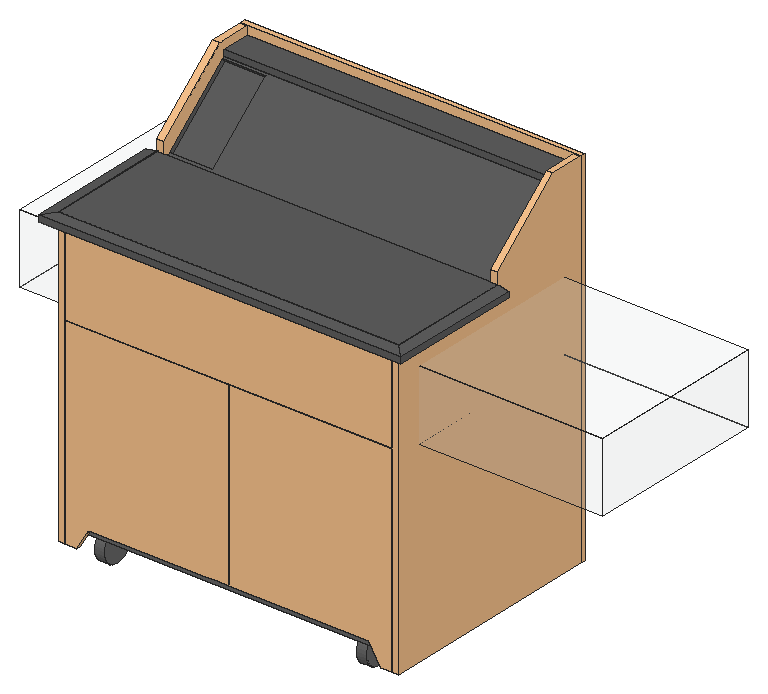
Revit family "Lectern-Middle_Atlantic-L5_Series2", category Furniture Systems, Revit 2012 (continued)
Dimensions and locks (in)
  aligned and locked: plane 68 to curve 30
  aligned and locked: plane 68 to curve 29
  aligned and locked: plane 68 to curve 28
  aligned and locked: plane 68 to curve 27
  aligned and locked: plane 68 to curve 26
  aligned and locked: plane 68 to curve 25
  aligned and locked: plane 68 to curve 24
  aligned and locked: plane 68 to curve 23
  aligned and locked: plane 68 to curve 22
  aligned and locked: plane 68 to curve 21
  aligned and locked: plane 68 to curve 20
  aligned and locked: plane 68 to curve 19
  aligned and locked: plane 68 to curve 18
  aligned and locked: plane 68 to curve 17
  aligned and locked: plane 68 to curve 16
  aligned and locked: plane 68 to curve 15
  aligned and locked: plane 68 to curve 14
  aligned and locked: plane 68 to curve 13
  aligned and locked: plane 68 to curve 10
  aligned and locked: plane 68 to curve 11
  aligned and locked: plane 68 to curve 12
  aligned and locked: Extrusion 12 sketch curve to plane 69
  aligned and locked: Extrusion 12 sketch curve to plane 70
  aligned and locked: plane 72 to Extrusion 12 sketch curve
  aligned and locked: plane 71 to Extrusion 12 sketch curve
  aligned and locked: plane 16 "Frame Bay Ceiling" to Extrusion 12
  aligned and locked: curve 45 to curve 33
  aligned and locked: curve 45 to curve 32
  aligned and locked: curve 44 to curve 31
  aligned and locked: curve 44 to curve 30
  aligned and locked: curve 43 to curve 29
  aligned and locked: curve 43 to curve 28
  aligned and locked: curve 42 to curve 27
  aligned and locked: curve 42 to curve 26
  aligned and locked: curve 41 to curve 25
  aligned and locked: curve 41 to curve 24
  aligned and locked: curve 40 to curve 23
  aligned and locked: curve 40 to curve 22
  aligned and locked: curve 39 to curve 21
  aligned and locked: curve 39 to curve 20
  aligned and locked: curve 38 to curve 19
  aligned and locked: curve 38 to curve 18
  aligned and locked: curve 37 to curve 17
  aligned and locked: curve 37 to curve 16
  aligned and locked: curve 36 to curve 15
  aligned and locked: curve 36 to curve 14
  aligned and locked: curve 35 to curve 13
  aligned and locked: curve 35 to curve 12
  aligned and locked: curve 34 to curve 11
  aligned and locked: curve 34 to curve 10
  aligned and locked: curve 45 to plane 67
  aligned and locked: curve 44 to plane 67
  aligned and locked: curve 43 to plane 67
  aligned and locked: curve 42 to plane 67
  aligned and locked: curve 34 to plane 67
  aligned and locked: curve 35 to plane 67
  aligned and locked: curve 36 to plane 67
  aligned and locked: curve 37 to plane 67
  aligned and locked: curve 38 to plane 67
  aligned and locked: curve 39 to plane 67
  aligned and locked: curve 40 to plane 67
  aligned and locked: curve 41 to plane 67
  aligned and locked: plane 73 to curve 69
  aligned and locked: plane 73 to curve 68
  aligned and locked: plane 73 to curve 67
  aligned and locked: plane 73 to curve 66
  aligned and locked: plane 73 to curve 65
  aligned and locked: plane 73 to curve 64
  aligned and locked: plane 73 to curve 63
  aligned and locked: plane 73 to curve 62
  aligned and locked: plane 73 to curve 61
  aligned and locked: plane 73 to curve 60
  aligned and locked: plane 73 to curve 59
  aligned and locked: plane 73 to curve 58
  aligned and locked: plane 73 to curve 57
  aligned and locked: plane 73 to curve 56
  aligned and locked: plane 73 to curve 55
  aligned and locked: plane 73 to curve 54
  aligned and locked: plane 73 to curve 53
  aligned and locked: plane 73 to curve 52
  aligned and locked: plane 73 to curve 51
  aligned and locked: plane 73 to curve 50
  aligned and locked: plane 73 to curve 49
  aligned and locked: plane 73 to curve 48
  aligned and locked: plane 73 to curve 47
  aligned and locked: plane 73 to curve 46
  aligned and locked: plane 74 to curve 69
  aligned and locked: plane 74 to curve 68
  aligned and locked: plane 74 to curve 67
  aligned and locked: plane 74 to curve 66
  aligned and locked: plane 74 to curve 65
  aligned and locked: plane 74 to curve 64
  aligned and locked: plane 74 to curve 63
  aligned and locked: plane 74 to curve 62
  aligned and locked: plane 74 to curve 61
  aligned and locked: plane 74 to curve 60
  aligned and locked: plane 74 to curve 59
  aligned and locked: plane 74 to curve 58
  aligned and locked: plane 74 to curve 57
  aligned and locked: plane 74 to curve 56
  aligned and locked: plane 74 to curve 55
  aligned and locked: plane 74 to curve 54
  aligned and locked: plane 74 to curve 53
  aligned and locked: plane 74 to curve 52
  aligned and locked: plane 74 to curve 51
  aligned and locked: plane 74 to curve 50
  aligned and locked: plane 74 to curve 49
  aligned and locked: plane 74 to curve 46
  aligned and locked: plane 74 to curve 47
  aligned and locked: plane 74 to curve 48
  aligned and locked: Extrusion 13 sketch curve to plane 75
  aligned and locked: Extrusion 13 sketch curve to plane 76
  aligned and locked: plane 78 to Extrusion 13 sketch curve
  aligned and locked: plane 77 to Extrusion 13 sketch curve
  aligned and locked: curve 81 to curve 69
  aligned and locked: curve 81 to curve 68
  aligned and locked: curve 80 to curve 67
  aligned and locked: curve 80 to curve 66
  aligned and locked: curve 79 to curve 65
  aligned and locked: curve 79 to curve 64
  aligned and locked: curve 78 to curve 63
  aligned and locked: curve 78 to curve 62
  aligned and locked: curve 77 to curve 61
  aligned and locked: curve 77 to curve 60
  aligned and locked: curve 76 to curve 59
  aligned and locked: curve 76 to curve 58
  aligned and locked: curve 75 to curve 57
  aligned and locked: curve 75 to curve 56
  aligned and locked: curve 74 to curve 55
  aligned and locked: curve 74 to curve 54
  aligned and locked: curve 73 to curve 53
  aligned and locked: curve 73 to curve 52
  aligned and locked: curve 72 to curve 51
  aligned and locked: curve 72 to curve 50
  aligned and locked: curve 71 to curve 49
  aligned and locked: curve 71 to curve 48
  aligned and locked: curve 70 to curve 47
  aligned and locked: curve 70 to curve 46
  aligned and locked: curve 81 to plane 73
  aligned and locked: curve 80 to plane 73
  aligned and locked: curve 79 to plane 73
  aligned and locked: curve 78 to plane 73
  aligned and locked: curve 70 to plane 73
  aligned and locked: curve 71 to plane 73
  aligned and locked: curve 72 to plane 73
  aligned and locked: curve 73 to plane 73
  aligned and locked: curve 74 to plane 73
  aligned and locked: curve 75 to plane 73
  aligned and locked: curve 76 to plane 73
  aligned and locked: curve 77 to plane 73
  aligned and locked: plane 28 "Frame Front" to curve 83
  aligned and locked: Extrusion 14 sketch curve to curve 96
  aligned and locked: curve 95 to Extrusion 14 sketch curve
  aligned and locked: Extrusion 14 sketch curve to curve 98
  aligned and locked: Extrusion 14 sketch curve to curve 86
  aligned and locked: Extrusion 14 sketch curve to curve 89
  aligned and locked: curve 97 to Extrusion 14 sketch curve
  aligned and locked: Extrusion 15 sketch curve to curve 91
  aligned and locked: Extrusion 15 sketch curve to curve 85
  aligned and locked: Extrusion 15 sketch curve to curve 84
  aligned and locked: Extrusion 15 sketch curve to curve 88
  aligned and locked: Extrusion 16 sketch curve to plane 56 "Panel Front Bottom"
  aligned and locked: Extrusion 16 sketch curve to plane 17 "Table Bottom"
  aligned and locked: Extrusion 16 sketch curve to plane 4 "Anchor Left"
  aligned and locked: plane 5 "Anchor Right" to Extrusion 16 sketch curve
  aligned and locked: plane 82 "Panel Front Groove V01" to Extrusion 16 sketch curve
  aligned and locked: Extrusion 16 sketch curve to plane 83 "Panel Front Groove V02"
  aligned and locked: plane 89 "Panel Front Groove Right Out" to Extrusion 16 sketch curve
  aligned and locked: Extrusion 16 sketch curve to plane 88 "Panel Front Groove Right In"
  aligned and locked: plane 85 "Panel Front Groove V04" to Extrusion 16 sketch curve
  aligned and locked: Extrusion 16 sketch curve to plane 84 "Panel Front Groove V03"
  aligned and locked: plane 86 "Panel Front Groove Left Out" to Extrusion 16 sketch curve
  aligned and locked: Extrusion 16 sketch curve to plane 87 "Panel Front Groove Left In"
  aligned: Extrusion 16 to plane 6 "Anchor Front"  (x2)
  aligned and locked: Extrusion 17 sketch curve to plane 4 "Anchor Left"
  aligned and locked: plane 5 "Anchor Right" to Extrusion 17 sketch curve
  aligned and locked: Extrusion 17 sketch curve to plane 56 "Panel Front Bottom"
  aligned and locked: Extrusion 17 sketch curve to plane 17 "Table Bottom"
  aligned and locked: Extrusion 17 to plane 90
  aligned and locked: Extrusion 15 sketch curve to curve 99
  aligned and locked: Extrusion 15 sketch curve to curve 101
  aligned and locked: Extrusion 15 sketch curve to curve 102
  aligned and locked: Extrusion 15 sketch curve to curve 100
  aligned and locked: Extrusion 15 sketch curve to curve 105
  aligned and locked: Extrusion 15 sketch curve to curve 106
  aligned and locked: Extrusion 15 sketch curve to curve 103
  aligned and locked: Extrusion 15 sketch curve to curve 104
  aligned and locked: Extrusion 14 sketch curve to curve 112
  aligned and locked: Extrusion 14 sketch curve to curve 111
  aligned and locked: Extrusion 14 sketch curve to curve 109
  aligned and locked: Extrusion 14 sketch curve to curve 110
  aligned and locked: Extrusion 14 sketch curve to curve 107
  aligned and locked: Extrusion 14 sketch curve to curve 108
  aligned and locked: Extrusion 14 sketch curve to curve 114
  aligned and locked: Extrusion 14 sketch curve to curve 113
  aligned and locked: Extrusion 18 sketch curve to Extrusion 15  (x4)
  aligned and locked: Extrusion 19 sketch curve to Extrusion 14  (x4)
  aligned: cut or joined group of Extrusion 16, Extrusion 17 to plane 6 "Anchor Front"
  aligned and locked: curve 94 to Extrusion 15 sketch curve
  aligned and locked: plane 57 "Frame Turret Pivot" to curve 115
  aligned and locked: plane 17 "Table Bottom" to curve 115
  aligned and locked: Extrusion 20 sketch curve to curve 117
  aligned and locked: Extrusion 20 sketch curve to curve 118
  aligned and locked: Extrusion 20 sketch curve to curve 120
  aligned and locked: Extrusion 20 sketch curve to curve 119
  aligned and locked: Extrusion 6 sketch curve to plane 15 "Frame Bay Floor"
  aligned and locked: Extrusion 22 sketch curve to plane 25 "Wheel Center V"
  aligned and locked: Extrusion 22 sketch curve to plane 76
  aligned and locked: Extrusion 22 sketch curve to plane 78
  aligned and locked: Extrusion 21 sketch curve to plane 70
  aligned and locked: Extrusion 21 sketch curve to plane 72
  aligned and locked: Extrusion 21 sketch curve to plane 25 "Wheel Center V"
  aligned and locked: plane 16 "Frame Bay Ceiling" to Extrusion 21
  aligned and locked: plane 16 "Frame Bay Ceiling" to Extrusion 22
  aligned and locked: Extrusion 23 sketch curve to plane 18 "Frame Ledge Top"
  aligned and locked: Extrusion 23 sketch curve to plane 24 "Frame Ledge Front"
  aligned and locked: plane 20 "Frame Ledge Bottom" to Extrusion 23 sketch curve
  aligned and locked: plane 23 "Frame Rear" to Extrusion 23 sketch curve
  aligned and locked: plane 4 "Anchor Left" to Extrusion 23
  aligned and locked: Extrusion 23 to plane 5 "Anchor Right"
  aligned and locked: plane 5 "Anchor Right" to curve 121
  aligned and locked: curve 93 to Extrusion 15 sketch curve
  aligned and locked: curve 124 to Extrusion 15 sketch curve
  aligned and locked: plane 4 "Anchor Left" to cut or joined group of Extrusion 7, Extrusion 8, Extrusion 20
  aligned and locked: cut or joined group of Extrusion 7, Extrusion 8, Extrusion 20 to plane 5 "Anchor Right"
  aligned and locked: plane 83 "Panel Front Groove V02" to Extrusion 24 sketch curve
  aligned and locked: Extrusion 24 sketch curve to plane 91
  aligned and locked: plane 27 "Frame Bay Rear" to Extrusion 24 sketch curve
  aligned and locked: plane 16 "Frame Bay Ceiling" to Extrusion 24 sketch curve
  aligned and locked: Extrusion 25 sketch curve to plane 91
  aligned and locked: Extrusion 25 sketch curve to plane 83 "Panel Front Groove V02"
  aligned and locked: Extrusion 25 sketch curve to plane 27 "Frame Bay Rear"
  aligned and locked: Extrusion 25 sketch curve to plane 16 "Frame Bay Ceiling"
  aligned and locked: curve 92 to Extrusion 15 sketch curve
  aligned and locked: curve 125 to Extrusion 15 sketch curve
  aligned and locked: Extrusion 15 sketch curve to curve 125
  aligned and locked: curve 90 to Extrusion 15 sketch curve
  aligned and locked: plane 28 "Frame Front" to curve 82
  aligned and locked: Extrusion 22 sketch curve to plane 91
  aligned and locked: Extrusion 21 sketch curve to plane 91
  aligned and locked: Extrusion 5 sketch curve to plane 14 "Frame Bottom"
  aligned and locked: plane 47 "Panel Slope Front V" to cut or joined group of Extrusion 1, Extrusion 2, Extrusion 3, Extrusion 4, Extrusion 9
  aligned and locked: plane 23 "Frame Rear" to curve 127
  aligned and locked: curve 126 to plane 4 "Anchor Left"
  aligned and locked: curve 129 to plane 7 "Anchor Rear"
  aligned and locked: curve 133 to plane 47 "Panel Slope Front V"
  aligned and locked: curve 131 to plane 47 "Panel Slope Front V"
  aligned and locked: plane 11 "Panel Right" to curve 138
  aligned and locked: plane 92 to curve 137
  aligned and locked: curve 136 to plane 66
  aligned and locked: plane 93 to curve 135
  aligned and locked: plane 12 "Panel Left" to curve 134
  aligned and locked: curve 140 to plane 66
  aligned and locked: plane 5 "Anchor Right" to curve 141
  aligned and locked: curve 139 to plane 4 "Anchor Left"
  aligned and locked: curve 142 to plane 7 "Anchor Rear"
  aligned and locked: curve 145 to plane 92
  aligned and locked: curve 148 to plane 66
  aligned and locked: plane 11 "Panel Right" to curve 149
  aligned and locked: plane 12 "Panel Left" to curve 147
  aligned and locked: Masking region 1 sketch curve to plane 92
  aligned and locked: plane 93 to Masking region 1 sketch curve
  aligned and locked: Masking region 1 sketch curve to plane 7 "Anchor Rear"
  aligned and locked: Masking region 1 sketch curve to plane 66
  aligned and locked: plane 11 "Panel Right" to Masking region 2 sketch curve
  aligned and locked: plane 12 "Panel Left" to Masking region 2 sketch curve
  aligned and locked: Masking region 2 sketch curve to plane 7 "Anchor Rear"
  aligned and locked: Masking region 2 sketch curve to plane 66
  aligned and locked: plane 26 "Table Rear" to Masking region 3 sketch curve
  aligned and locked: plane 92 to Masking region 3 sketch curve
  aligned and locked: plane 93 to Masking region 3 sketch curve
  aligned and locked: Masking region 3 sketch curve to plane 66
  aligned and locked: plane 11 "Panel Right" to Masking region 3 sketch curve
  aligned and locked: plane 12 "Panel Left" to Masking region 3 sketch curve
  aligned and locked: Masking region 3 sketch curve to plane 7 "Anchor Rear"
  aligned and locked: plane 12 "Panel Left" to Masking region 4 sketch curve
  aligned and locked: plane 11 "Panel Right" to Masking region 4 sketch curve
  aligned and locked: Masking region 4 sketch curve to plane 7 "Anchor Rear"
  aligned and locked: plane 6 "Anchor Front" to Masking region 4 sketch curve
  aligned and locked: Masking region 4 sketch curve to plane 4 "Anchor Left"
  aligned and locked: plane 5 "Anchor Right" to Masking region 4 sketch curve
  aligned and locked: Masking region 4 sketch curve to plane 66
  aligned and locked: plane 91 to curve 152
  aligned and locked: plane 27 "Frame Bay Rear" to curve 153
  aligned and locked: plane 27 "Frame Bay Rear" to curve 156
  aligned and locked: curve 158 to Extrusion 24
  aligned and locked: plane 27 "Frame Bay Rear" to curve 159
  aligned and locked: plane 91 to curve 161
  aligned and locked: curve 160 to Extrusion 25
  aligned and locked: plane 91 to curve 167
  aligned and locked: plane 91 to curve 163
  aligned and locked: plane 27 "Frame Bay Rear" to curve 162
  aligned and locked: plane 91 to Extrusion 12 sketch curve
  aligned and locked: Extrusion 12 sketch curve to plane 91
  aligned and locked: plane 91 to Extrusion 13 sketch curve
  aligned and locked: Extrusion 13 sketch curve to plane 91
Automatic sketch dimensions
  Extrusion 1 sketch curve to plane 44 "Panel Groove V03" = 0.0000"
  Extrusion 1 sketch curve to plane 43 "Panel Groove V04" = 0.0000"
  plane 33 "Panel Groove H04" to Extrusion 1 sketch curve = 0.0000"
  plane 32 "Panel Groove H03" to Extrusion 1 sketch curve = 0.0000"
  Extrusion 1 sketch curve to plane 21 "Table Top" = 0.0000"
  Extrusion 2 sketch curve to plane 44 "Panel Groove V03" = 0.0000"
  Extrusion 2 sketch curve to plane 43 "Panel Groove V04" = 0.0000"
  plane 33 "Panel Groove H04" to Extrusion 2 sketch curve = 0.0000"
  plane 32 "Panel Groove H03" to Extrusion 2 sketch curve = 0.0000"
  Extrusion 3 sketch curve to plane 21 "Table Top" = 0.0000"
  plane 41 "Panel Slope Front H" to Extrusion 3 sketch curve = 0.0000"
  Extrusion 4 sketch curve to plane 49 "Panel Slop Top" = 0.0000"
  Extrusion 4 sketch curve to plane 17 "Table Bottom" = 0.0000"
  Extrusion 4 sketch curve to plane 21 "Table Top" = 0.0000"
  Extrusion 5 sketch curve to plane 25 "Wheel Center V" = 0.0000"
  plane 26 "Table Rear" to curve 1 = 0.0000"
  plane 26 "Table Rear" to curve 3 = 0.0000"
  curve 69 to plane 74 = 0.0000"
  curve 69 to plane 73 = 0.0000"
  curve 68 to plane 73 = 0.0000"
  curve 68 to plane 74 = 0.0000"
  curve 67 to plane 74 = 0.0000"
  curve 67 to plane 73 = 0.0000"
  curve 66 to plane 73 = 0.0000"
  curve 66 to plane 74 = 0.0000"
  curve 65 to plane 74 = 0.0000"
  curve 65 to plane 73 = 0.0000"
  curve 64 to plane 73 = 0.0000"
  curve 64 to plane 74 = 0.0000"
  curve 63 to plane 74 = 0.0000"
  curve 63 to plane 73 = 0.0000"
  curve 62 to plane 74 = 0.0000"
  curve 62 to plane 73 = 0.0000"
  curve 61 to plane 74 = 0.0000"
  curve 61 to plane 73 = 0.0000"
  curve 60 to plane 73 = 0.0000"
  curve 60 to plane 74 = 0.0000"
  curve 59 to plane 73 = 0.0000"
  curve 59 to plane 74 = 0.0000"
  curve 58 to plane 74 = 0.0000"
  curve 58 to plane 73 = 0.0000"
  curve 57 to plane 73 = 0.0000"
  curve 57 to plane 74 = 0.0000"
  curve 56 to plane 74 = 0.0000"
  curve 56 to plane 73 = 0.0000"
  curve 55 to plane 74 = 0.0000"
  curve 55 to plane 73 = 0.0000"
  curve 54 to plane 74 = 0.0000"
  curve 54 to plane 73 = 0.0000"
  curve 53 to plane 74 = 0.0000"
  curve 53 to plane 73 = 0.0000"
  curve 52 to plane 73 = 0.0000"
  curve 52 to plane 74 = 0.0000"
  curve 51 to plane 73 = 0.0000"
  curve 51 to plane 74 = 0.0000"
  curve 50 to plane 73 = 0.0000"
  curve 50 to plane 74 = 0.0000"
  curve 49 to plane 73 = 0.0000"
  curve 49 to plane 74 = 0.0000"
  curve 48 to plane 73 = 0.0000"
  curve 48 to plane 74 = 0.0000"
  curve 47 to plane 74 = 0.0000"
  curve 47 to plane 73 = 0.0000"
  curve 46 to plane 74 = 0.0000"
  curve 46 to plane 73 = 0.0000"
  plane 35 "Panel Groove H06" to curve 69 = 0.07711"
  plane 35 "Panel Groove H06" to curve 33 = 0.07711"
  curve 33 to curve 32 = 1.2500"
  curve 30 to plane 36 "Panel Groove H07" = 0.66989"
  plane 37 "Panel Groove H08" to curve 28 = 0.73344"
  curve 27 to curve 26 = 1.2500"
  curve 25 to curve 24 = 1.2500"
  curve 23 to curve 22 = 1.2500"
  curve 21 to curve 20 = 1.2500"
  curve 19 to curve 18 = 1.2500"
  curve 17 to curve 16 = 1.2500"
  curve 15 to curve 14 = 1.2500"
  curve 13 to curve 12 = 1.2500"
  curve 125 to curve 82 = 0.74017"
  curve 84 to curve 90 = 1.3750"
  curve 104 to curve 91 = 0.27633"
  curve 125 to curve 91 = 0.0000"
  curve 124 to curve 93 = 0.65856"
  curve 88 to curve 124 = 0.96644"
  curve 82 to curve 90 = 0.2850"
  curve 82 to curve 93 = 0.9650"
  curve 103 to curve 91 = 0.57289"
  curve 102 to curve 94 = 0.57289"
  curve 116 to curve 115 = 0.0000"  (x2)
  curve 115 to curve 123 = 0.0000"  (x2)
  Extrusion 14 sketch curve to curve 83 = 0.92125"
  curve 98 to curve 83 = 0.0000"
  curve 83 to curve 95 = 0.2850"
  curve 108 to curve 96 = 0.57289"
  Extrusion 7 sketch curve to plane 23 "Frame Rear" = 0.0000"
  Sweep 10 sketch curve to profile plane = 0.0000"
  Sweep 10 sketch curve to profile plane = 1.4370"
  Sweep 10 sketch curve to profile plane = 0.29157"
  Sweep 11 sketch curve to profile plane = 0.0000"
  profile plane to Sweep 11 sketch curve = 0.42903"
  Extrusion 5 sketch curve to plane 14 "Frame Bottom" = 0.0000"
  plane 26 "Table Rear" to Masking region 3 sketch curve = 0.0000"
  Masking region 4 sketch curve to plane 6 "Anchor Front" = 0.0000"
  plane 24 "Frame Ledge Front" to curve 121 = 0.0000"
Connectors (in)
  electrical at (-21.5625, 13.5, 3.75), driven by "Voltage", driven by "Apparent Load"
    settings: index 1, voltage 0 V, apparent load 0 VA, apparent load phase1 0 VA, apparent load phase2 0 VA, apparent load phase3 0 VA, power factor 1, load classification "Other", number of poles 1, system type 30, power factor state 1, is connector primary yes, connector utility no, sub classification motor no, connector description "Electrical Input"
  electrical at (-21.5625, 13.5, 5.25)
    settings: index 2, voltage 0 V, apparent load 0 VA, apparent load phase1 0 VA, apparent load phase2 0 VA, apparent load phase3 0 VA, power factor 1, load classification "Other", number of poles 1, system type 14, power factor state 1, is connector primary no, connector utility no, sub classification motor no, connector description "Data"
Types (10): name | zz YesNo 9 | zz YesNo 8 | zz YesNo 7 | zz YesNo 6 | zz YesNo 5 | zz YesNo 4 | zz YesNo 3 | zz YesNo 2 | zz YesNo 13 | zz YesNo 11 | zz YesNo 10 | zz YesNo 1 | zz Length 9 | zz Length 8 | zz Length 7 | zz Length 6 | zz Length 4 | zz Length 25 | zz Length 24 | zz Length 23 | zz Length 22 | zz Length 21 | zz Length 20 | zz Length 2 | zz Length 19 | zz Length 18 | zz Length 16 | zz Length 14 | zz Length 13 | zz Length 10 | zz Integer 1 | Width | Part Number | Part Description | Has Snap Locations | Depth
  (no name) | yes | yes | no | no | yes | no | yes | yes | yes | yes | no | yes | 20.7350" | 0.5010" | 0.0000" | 15.6250" | 0.8280" | 8.0000" | 2.5350" | 0.0000" | 20.5940" | 0.0000" | 0.0000" | 41.4700" | 0.5000" | 0.7500" | 20.5940" | 41.4700" | 13.1880" | 43.1250" | 7 | 46.2500" | "L5-TKITM-43" | "43 Inch, Contemporary Style Lectern With Turret" | no | 31.0000"
  43" Traditional, Turret | no | no | yes | yes | no | no | no | yes | yes | yes | yes | yes | 20.7350" | 0.2500" | 0.8280" | 0.0000" | 0.5000" | 8.0000" | 0.0000" | 0.0000" | 20.5940" | 1.4370" | 0.0000" | 41.4700" | 0.5000" | 0.5000" | 20.5940" | 41.4700" | 13.1880" | 43.1250" | 8 | 45.1400" | "L5-TKIT-43" | "43 Inch,Traditional Style Lectern With Turret" | yes | 31.0700"
  43" Contemporary, Turret | yes | yes | no | no | yes | no | yes | yes | yes | yes | no | yes | 20.7350" | 0.5010" | 0.0000" | 15.6250" | 0.8280" | 8.0000" | 2.5350" | 0.0000" | 20.5940" | 0.0000" | 0.0000" | 41.4700" | 0.5000" | 0.7500" | 20.5940" | 41.4700" | 13.1880" | 43.1250" | 7 | 46.2500" | "L5-TKITM-43" | "43 Inch, Contemporary Style Lectern With Turret" | no | 31.0000"
  43" Traditional, Flat | no | no | yes | yes | no | no | no | yes | yes | no | yes | yes | 20.7350" | 0.2500" | 0.8280" | 0.0000" | 0.5000" | 0.0000" | 0.0000" | 0.0000" | 20.5940" | 1.4370" | 0.0000" | 41.4700" | 0.0000" | 0.5000" | 20.5940" | 41.4700" | 0.0000" | 43.1250" | 9 | 45.1400" | "L5-FLKIT-43" | "43 Inch,Traditional Style Flat Lectern" | yes | 31.0700"
  33" Contemporary, Turret | yes | yes | no | no | yes | yes | no | yes | no | yes | no | yes | 15.7500" | 0.5010" | 0.0000" | 15.6250" | 0.8280" | 8.0000" | 2.5350" | 0.0000" | 10.6240" | 0.0000" | 0.0000" | 19.0000" | 0.5000" | 0.7500" | 20.5940" | 31.5000" | 13.1880" | 33.1550" | 4 | 36.2500" | "L5-TKITM-33" | "33 Inch, Contemporary Style Lectern With Turret" | yes | 31.0000"
  23" Contemporary, Turret | no | yes | no | no | yes | yes | no | no | no | yes | no | no | 10.9650" | 0.5010" | 0.0000" | 15.6250" | 0.8280" | 8.0000" | 2.5350" | 1.4650" | 20.5940" | 0.0000" | 2.5350" | 19.0000" | 0.0000" | 0.7500" | 21.7425" | 21.9300" | 13.1880" | 23.5850" | 1 | 26.6800" | "L5-TKITM-23" | "23 Inch, Contemporary Style Lectern With Turret" | yes | 31.0000"
  33" Traditional, Flat | no | no | yes | yes | no | no | no | yes | no | no | yes | yes | 15.7500" | 0.2500" | 0.8280" | 0.0000" | 0.5000" | 0.0000" | 0.0000" | 0.0000" | 10.6240" | 1.4370" | 0.0000" | 19.0000" | 0.0000" | 0.5000" | 20.5940" | 31.5000" | 0.0000" | 33.1550" | 6 | 35.1400" | "L5-FLKIT-33" | "33 Inch,Traditional Style Flat Lectern" | yes | 31.0700"
  23" Traditional, Flat | no | no | no | yes | no | no | no | no | no | no | yes | no | 10.9650" | 0.2500" | 0.8280" | 0.0000" | 0.5000" | 0.0000" | 0.0000" | 1.4650" | 20.5940" | 1.4370" | 0.0000" | 19.0000" | 0.0000" | 0.5000" | 21.7425" | 21.9300" | 0.0000" | 23.5850" | 3 | 24.4600" | "L5-FLKIT-23" | "23 Inch,Traditional Style Flat Lectern" | yes | 31.0700"
  33" Traditional, Turret | no | no | yes | yes | no | no | no | yes | no | yes | yes | yes | 15.7500" | 0.2500" | 0.8280" | 0.0000" | 0.5000" | 8.0000" | 0.0000" | 0.0000" | 10.6240" | 1.4370" | 0.0000" | 19.0000" | 0.5000" | 0.5000" | 20.5940" | 31.5000" | 13.1880" | 33.1550" | 5 | 35.1400" | "L5-TKIT-33" | "33 Inch,Traditional Style Lectern With Turret" | yes | 31.0700"
  23" Traditional, Turret | no | no | no | yes | no | no | no | no | no | yes | yes | no | 10.9650" | 0.2500" | 0.8280" | 0.0000" | 0.5000" | 8.0000" | 0.0000" | 1.4650" | 20.5940" | 1.4370" | 0.0000" | 19.0000" | 0.0000" | 0.5000" | 21.7425" | 21.9300" | 13.1880" | 23.5850" | 2 | 24.4600" | "L5-TKIT-23" | "23 Inch,Traditional Style Lectern With Turret" | yes | 31.0700"
